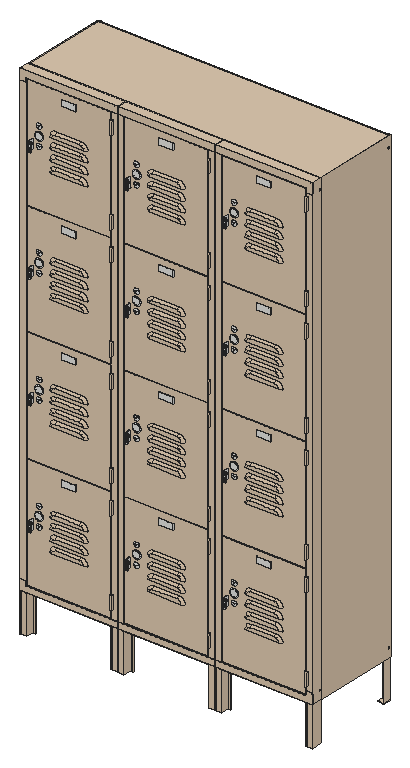
Revit family "Metal_Lockers-Salsbury_Industries-54000_Series-3_Wide_Units", category Specialty Equipment, Revit 2016
Family settings
  Part Type = Normal
  Round Connector Dimension = Use Diameter
  OmniClass Number = 23.40.00.00
  OmniClass Title = Equipment and Furnishings
  Work Plane-Based = No
  Always vertical = Yes
  Cut with Voids When Loaded = No
  Shared = No
  Room Calculation Point = No
Parameters (values of type "54365 - with Standard 6" High Legs")
  Zee Base Corner - Right Side [instance] = Metal Locker Zee Base Corner : None
  Zee Base Corner - Left Side [instance] = Metal Locker Zee Base Corner : None
  Zee Base - Right Side [instance] = Metal Locker Zee Base-Right Side : None
  Zee Base - Left Side [instance] = Metal Locker Zee Base-Left Side : None
  Zee Base = Metal Locker Zee Base - 3 Wide : None
  Width = 45.040"
  Version = "2.0 (02/28/18)"
  Unit Height including Sloping Hood Only [instance] = 80.682"
  Unit Height = 72.000"
  URL = "www.lockers.com"
  Type Comments = "15\" Wide Standard Metal Lockers - Four Tier"
  Total Door(s) Height [instance] = 69.81949"
  Sloping Top In-Line Filler - Right Side [instance] = Metal Locker Sloping Top Filler : None
  Sloping Top In-Line Filler - Left Side [instance] = Metal Locker Sloping Top Filler : None
  Sloping Top Corner Filler - Right Side [instance] = Metal Locker Sloping Corner Filler : None
  Sloping Top Corner Filler - Left Side [instance] = Metal Locker Sloping Corner Filler : None
  Sloping Hood Height = if(Depth = 12.010", 6.625", if(Depth = 15.010", 8.682", if(Depth = 18.010", 10.739", 0.000")))  # 8.682"
  Sloping Hood [instance] = Metal Locker Sloping Hood : None
  Compartment Divider Height = Individual Door Height - 0.375"  # 16.985"
  Right Side Base [instance] = Metal Locker Right Side Base : None
  Primary Structure Material [instance] = Paint - Salsbury Finish - Tan
  Overall Width including Rivets [instance] = 45.120"
  Unit Height including Base Only [instance] = 78.000"
  Overall Unit Height (including Base and Sloping Hood) [instance] = 86.682"
  OmniClass 23 Title = "Equipment and Furnishings"
  OmniClass 23 Number = "23.40.00.00"
  Model = "54365"
  MasterFormat Title = "Lockers"
  MasterFormat Number = "10 51 13"
  Manufacturer = "Salsbury Industries"
  Left Side Base [instance] = Metal Locker Left Side Base : None
  Individual Door Height = 17.360"
  Hasp Plate Rivet Material = Steel -Salsbury Finish - Polished Steel
  Hasp Handle Material = Plastic - Salsbury Finish - Black
  Front Vertical Filler - Right [instance] = Metal Locker Front Filler : None
  Front Vertical Filler - Left [instance] = Metal Locker Front Filler : None
  Front Base [instance] = Metal Locker Front Base : None
  Flat Top In-Line Filler - Right Side [instance] = Metal Locker Flat Top Filler : None
  Flat Top In-Line Filler - Left Side [instance] = Metal Locker Flat Top Filler : None
  Flat Top Corner Filler - Right Side [instance] = Metal Locker Flat Corner Filler : None
  Flat Top Corner Filler - Left Side [instance] = Metal Locker Flat Corner Filler : None
  Individual Door Width [instance] = 9.90055"
  End Panel - Right Side [instance] = Metal Locker End Panel : None
  End Panel - Left Side [instance] = Metal Locker End Panel : None
  Door Location D1 = Metal Locker Doors-15 inch with Latch Hasps : Four Tier Door - 6 foot
  Description = "3 Wide - 6 Feet High - 15 Inches Deep"
  Depth = 15.010"
  Base Height = 6.000"
  Standard Leg Base = Metal Locker Legs - 3 Wide : 6" High - 45"W x 15"D
  Assembly Code = "C1030310"
Reference planes (in)
  plane 1 "Center (Front/Back)": y = 0
  plane 2: z = 0
  plane 3 "Center (Left/Right)": x = 0
  plane 4 "Floor": z = 0
  plane 5 "Bottom of Unit": z = 6
  plane 6 "Top of Unit": z = 78
  plane 7 "Left Side of Unit": x = -18.02
  plane 8 "Right Side of Unit": x = 27.02
  plane 9 "Back of Unit": y = 7.505
  plane 10 "Front of Unit": y = -7.505
  plane 11 "Top of Sloping Hood": z = 86.682
  plane 12 "Left Rivet": x = -18.06
  plane 13 "Right Rivet": x = 27.06
  plane 14 "Right Side of Door Opening": x = 26.02
  plane 15 "Left Side of Door Opening": x = -17.02
  plane 16 "Top of Door Opening": z = 77
  plane 17 "Bottom of Door Opening": z = 7
  plane 18 "Back Edge of Front Facing": y = -5.917
  plane 19 "Front Plate Plane": y = -7.565
  plane 20 "Horizontal Center of Top Rivets": z = 76.5
  plane 21 "Horiz Center of Bottom Rivets": z = 7.5
  plane 22 "Vertical Center of Back Rivets": y = 7.005
  plane 23 "Vertical Center of Front Rivets": y = -6.255
  plane 24 "Right Align Top Filler Overlap": x = 26.435
  plane 25 "Left Align Top Filler Overlap": x = -17.435
  plane 26 "Corner Filler Align-Left": x = -18.08
  plane 27 "Corner Filler Align-Right": x = 27.08
  plane 28 "Right Side of Door": x = 25.95026
  plane 29 "Top of Door 1": z = 76.90976
  plane 30 "Bottom of Bottom Door": z = 7.09027
  plane 31 "Zee Base Offset": x = -17.669
  plane 32: x = 26.669
  plane 33 "Compartment Align 3": z = 24.985
  plane 34: x = -17.96
  plane 35: x = 26.96
  plane 36: x = -17.635
  plane 37: x = 26.635
  plane 38: y = 7.445
  plane 39: y = 7.395
  plane 40: y = 6.645
  plane 41: x = -17.9
  plane 42: x = 26.9
  plane 43: x = -17.095
  plane 44: x = 26.095
  plane 45: z = 77.94
  plane 46: z = 24.925
  plane 47: z = 23.985
  plane 48: z = 6.9204
  plane 49: z = 6.18539
  plane 50: z = 76.40796
  plane 51: z = 7.59204
  plane 52 "Right Side of Center Unit": x = 12.00667
  plane 53 "Left Side of Center Unit": x = -3.00667
  plane 54: x = 12.98167
  plane 55 "Left Side of Door Opening-Right Door": x = 13.00667
  plane 56: x = 11.03167
  plane 57 "Right Side of Door Opening-Center Door": x = 11.00667
  plane 58 "Right Side of Door - Center Door": x = 10.93667
  plane 59: x = -2.03167
  plane 60 "Left Side of Door Opening - Center Door": x = -2.00667
  plane 61: x = -3.98167
  plane 62 "Right Side of Door Opening - Left Door": x = -4.00667
  plane 63 "Right Side of Door - Left Door": x = -4.07667
  plane 64: z = 23.985
  plane 65 "Top of Door Row 3": z = 24.45027
  plane 66 "Bottom of Door Row 2": z = 24.57576
  plane 67 "Top of Door Row 2": z = 41.93576
  plane 68: z = 42.06276
  plane 69 "Compartment Align 2": z = 42.43527
  plane 70: z = 42.37527
  plane 71: z = 41.43527
  plane 72: z = 53.22076
  plane 73: z = 59.42276
  plane 74: z = 59.54976
  plane 75: z = 58.92076
  plane 76: z = 59.86076
  plane 77 "Compartment Align 1": z = 59.92076
  plane 78: z = 70.70625
Forms (in)
  Sweep 1, solid, material "Paint - Salsbury Finish - Tan" <- "Primary Structure Material"
    path origin (0, -7.505, 0) x (1, 0, 0) y (0, 0, 1)
      loop
        line (12.00667, 78) -> (12.00667, 6) -> (27.02, 6) -> (27.02, 78) -> (12.00667, 78)
    profile origin (19.51333, -7.505, 78) x (0, 0, 1) y (0, -1, 0)
      loop
        line (0, 0) -> (-1, 0) -> (-1, -1.588) -> (0, -1.588) -> (0, 0)
  Extrusion 2, solid, material "Paint - Salsbury Finish - Tan" <- "Primary Structure Material"
    sketch origin (0, 0, 6) x (0, -1, 0) y (1, 0, 0)
      loop
        line (5.917, 27.02) -> (-7.505, 27.02) -> (-7.505, 26.635) -> (-7.445, 26.635) -> (-7.445, 26.96) -> (5.917, 26.96) -> (5.917, 27.02)
    from 0 to 72
  Extrusion 3, solid, material "Paint - Salsbury Finish - Tan" <- "Primary Structure Material"
    sketch origin (0, 0, 6) x (0, -1, 0) y (1, 0, 0)
      loop
        line (5.917, -18.02) -> (5.917, -17.96) -> (-7.445, -17.96) -> (-7.445, -17.635) -> (-7.505, -17.635) -> (-7.505, -18.02) -> (5.917, -18.02)
    from 0 to 72
  Extrusion 4, solid, material "Paint - Salsbury Finish - Tan" <- "Primary Structure Material"
    sketch origin (0, 0, 6) x (0, -1, 0) y (1, 0, 0)
      loop
        line (-7.445, -17.96) -> (-6.645, -17.96) -> (-6.645, -17.9) -> (-7.395, -17.9) -> (-7.395, 26.9) -> (-6.645, 26.9) -> (-6.645, 26.96) -> (-7.445, 26.96) -> (-7.445, -17.96)
    from 0 to 72
  Sweep 5, solid, material "Paint - Salsbury Finish - Tan" <- "Primary Structure Material"
    path origin (0, 0, 7) x (0, -1, 0) y (1, 0, 0)
      loop
        line (5.917, -17.96) -> (5.917, 26.96) -> (-6.645, 26.96) -> (-6.645, 26.9) -> (-7.395, 26.9) -> (-7.395, -17.9) -> (-6.645, -17.9) -> (-6.645, -17.96) -> (5.917, -17.96)
    profile origin (-17.96, 0.364, 7) x (-1, 0, 0) y (0, 0, 1)
      loop
        line (0, -0.81461) -> (0, -0.0796) -> (-0.06, -0.0796) -> (-0.06, -0.81461) -> (0, -0.81461)
  Extrusion 6, solid, material "Paint - Salsbury Finish - Tan" <- "Primary Structure Material"
    sketch origin (0, 0, 7) x (0, -1, 0) y (1, 0, 0)
      loop
        line (-7.395, -17.9) -> (-6.645, -17.9) -> (-6.645, -17.96) -> (5.917, -17.96) -> (5.917, 26.96) -> (-6.645, 26.96) -> (-6.645, 26.9) -> (-7.395, 26.9) -> (-7.395, -17.9)
    from -0.0796 to 0
  Extrusion 7, solid, material "Paint - Salsbury Finish - Tan" <- "Primary Structure Material"
    sketch origin (0, 0, 78) x (0, -1, 0) y (1, 0, 0)
      loop
        line (-7.395, -17.9) -> (-6.645, -17.9) -> (-6.645, -17.96) -> (5.917, -17.96) -> (5.917, 26.96) -> (-6.645, 26.96) -> (-6.645, 26.9) -> (-7.395, 26.9) -> (-7.395, -17.9)
    from -0.06 to 0
  Extrusion 8, solid, material "Paint - Salsbury Finish - Tan" <- "Primary Structure Material"
    sketch origin (0, -7.565, 0) x (0, 0, -1) y (1, 0, 0)
      loop
        line (-78, -18.02) -> (-76.47656, -18.02)
        arc (-76.47656, -18.02) -> (-76.42806, -17.99991) -> (-76.40796, -17.9514) r 0.0686
        line (-76.40796, -17.9514) -> (-76.40796, -17.16351)
        arc (-76.40796, -17.16351) -> (-76.42809, -17.11506) -> (-76.47656, -17.095) r 0.0686
        line (-76.47656, -17.095) -> (-77, -17.095) -> (-77, 26.095) -> (-76.47656, 26.095)
        arc (-76.47656, 26.095) -> (-76.42809, 26.11506) -> (-76.40796, 26.16351) r 0.0686
        line (-76.40796, 26.16351) -> (-76.40796, 26.9514)
        arc (-76.40796, 26.9514) -> (-76.42806, 26.99991) -> (-76.47656, 27.02) r 0.0686
        line (-76.47656, 27.02) -> (-78, 27.02) -> (-78, -18.02)
    from -0.06 to 0
  Extrusion 9, solid, material "Paint - Salsbury Finish - Tan" <- "Primary Structure Material"
    sketch origin (0, -7.565, 84) x (0, 0, 1) y (-1, 0, 0)
      loop
        line (-78, 18.02) -> (-78, -27.02) -> (-76.47656, -27.02)
        arc (-76.47656, -27.02) -> (-76.42806, -26.99991) -> (-76.40796, -26.9514) r 0.0686
        line (-76.40796, -26.9514) -> (-76.40796, -26.16351)
        arc (-76.40796, -26.16351) -> (-76.42809, -26.11506) -> (-76.47656, -26.095) r 0.0686
        line (-76.47656, -26.095) -> (-77, -26.095) -> (-77, 17.095) -> (-76.47656, 17.095)
        arc (-76.47656, 17.095) -> (-76.42809, 17.11506) -> (-76.40796, 17.16351) r 0.0686
        line (-76.40796, 17.16351) -> (-76.40796, 17.9514)
        arc (-76.40796, 17.9514) -> (-76.42806, 17.99991) -> (-76.47656, 18.02) r 0.0686
        line (-76.47656, 18.02) -> (-78, 18.02)
    from -0.06 to 0
  Blend 10, solid, material "Steel -Salsbury Finish - Polished Steel" <- "Hasp Plate Rivet Material"
    base sketch origin (27.02, 0, 0) x (0, 0, -1) y (0, -1, 0)
      loop
        circle (-76.5, 6.255) r 0.187
    top sketch origin (27.02, 0, 0) x (0, 0, -1) y (0, -1, 0)
      loop
        circle (-76.5, 6.255) r 0.05319
    from 0 to -0.04
  Blend 11, solid, material "Steel -Salsbury Finish - Polished Steel" <- "Hasp Plate Rivet Material"
    base sketch origin (27.02, 0, -69) x (0, 0, -1) y (0, -1, 0)
      loop
        circle (-76.5, 6.255) r 0.187
    top sketch origin (27.02, 0, -69) x (0, 0, -1) y (0, -1, 0)
      loop
        circle (-76.5, 6.255) r 0.05319
    from 0 to -0.04
  Blend 12, solid, material "Steel -Salsbury Finish - Polished Steel" <- "Hasp Plate Rivet Material"
    base sketch origin (27.02, 10.26, -69) x (0, 0, -1) y (0, -1, 0)
      loop
        circle (-76.5, 3.255) r 0.187
    top sketch origin (27.02, 10.26, -69) x (0, 0, -1) y (0, -1, 0)
      loop
        circle (-76.5, 3.255) r 0.05319
    from 0 to -0.04
  Blend 13, solid, material "Steel -Salsbury Finish - Polished Steel" <- "Hasp Plate Rivet Material"
    base sketch origin (27.02, 10.26, 0.0043) x (0, 0, -1) y (0, -1, 0)
      loop
        circle (-76.5, 3.255) r 0.187
    top sketch origin (27.02, 10.26, 0.0043) x (0, 0, -1) y (0, -1, 0)
      loop
        circle (-76.5, 3.255) r 0.05319
    from 0 to -0.04
  Blend 14, solid, material "Steel -Salsbury Finish - Polished Steel" <- "Hasp Plate Rivet Material"
    base sketch origin (-6.02, 0, -69) x (0, 0, -1) y (0, 1, 0)
      loop
        circle (-76.5, -6.255) r 0.187
    top sketch origin (-6.02, 0, -69) x (0, 0, -1) y (0, 1, 0)
      loop
        circle (-76.5, -6.255) r 0.05319
    from -12 to -12.04
  Blend 15, solid, material "Steel -Salsbury Finish - Polished Steel" <- "Hasp Plate Rivet Material"
    base sketch origin (-6.02, 10.26, -69) x (0, 0, -1) y (0, 1, 0)
      loop
        circle (-76.5, -3.255) r 0.187
    top sketch origin (-6.02, 10.26, -69) x (0, 0, -1) y (0, 1, 0)
      loop
        circle (-76.5, -3.255) r 0.05319
    from -12 to -12.04
  Blend 16, solid, material "Steel -Salsbury Finish - Polished Steel" <- "Hasp Plate Rivet Material"
    base sketch origin (-6.02, 0, 0) x (0, 0, -1) y (0, 1, 0)
      loop
        circle (-76.5, -6.255) r 0.187
    top sketch origin (-6.02, 0, 0) x (0, 0, -1) y (0, 1, 0)
      loop
        circle (-76.5, -6.255) r 0.05319
    from -12 to -12.04
  Blend 17, solid, material "Steel -Salsbury Finish - Polished Steel" <- "Hasp Plate Rivet Material"
    base sketch origin (-6.02, 10.26, 0.00039) x (0, 0, -1) y (0, 1, 0)
      loop
        circle (-76.5, -3.255) r 0.187
    top sketch origin (-6.02, 10.26, 0.00039) x (0, 0, -1) y (0, 1, 0)
      loop
        circle (-76.5, -3.255) r 0.05319
    from -12 to -12.04
  Extrusion 18, solid, material "Paint - Salsbury Finish - Tan" <- "Primary Structure Material"
    sketch origin (0, 0, 24.985) x (0, -1, 0) y (1, 0, 0)
      loop
        line (-7.395, -17.9) -> (-6.645, -17.9) -> (-6.645, -17.96) -> (5.917, -17.96) -> (5.917, 26.96) -> (-6.645, 26.96) -> (-6.645, 26.9) -> (-7.395, 26.9) -> (-7.395, -17.9)
    from -0.06 to 0
  Sweep 19, solid, material "Paint - Salsbury Finish - Tan" <- "Primary Structure Material"
    path origin (0, 0, 24.985) x (0, -1, 0) y (1, 0, 0)
      loop
        line (5.917, -17.96) -> (5.917, 26.96) -> (-6.645, 26.96) -> (-6.645, 26.9) -> (-7.395, 26.9) -> (-7.395, -17.9) -> (-6.645, -17.9) -> (-6.645, -17.96) -> (5.917, -17.96)
    profile origin (-17.96, 0.364, 24.985) x (-1, 0, 0) y (0, 0, 1)
      loop
        line (0, -1) -> (0, -0.06) -> (-0.06, -0.06) -> (-0.06, -1) -> (0, -1)
  Sweep 20, solid, material "Paint - Salsbury Finish - Tan" <- "Primary Structure Material"
    path origin (-12.01333, -7.505, 0) x (1, 0, 0) y (0, 0, 1)
      loop
        line (9.00667, 78) -> (9.00667, 6) -> (24.02, 6) -> (24.02, 78) -> (9.00667, 78)
    profile origin (4.5, -7.505, 78) x (0, 0, 1) y (0, -1, 0)
      loop
        line (0, 0) -> (-1, 0) -> (-1, -1.588) -> (0, -1.588) -> (0, 0)
  Sweep 21, solid, material "Paint - Salsbury Finish - Tan" <- "Primary Structure Material"
    path origin (-24.02667, -7.505, 0) x (1, 0, 0) y (0, 0, 1)
      loop
        line (6.00667, 78) -> (6.00667, 6) -> (21.02, 6) -> (21.02, 78) -> (6.00667, 78)
    profile origin (-10.51333, -7.505, 78) x (0, 0, 1) y (0, -1, 0)
      loop
        line (0, 0) -> (-1, 0) -> (-1, -1.588) -> (0, -1.588) -> (0, 0)
  Extrusion 22, solid, material "Paint - Salsbury Finish - Tan" <- "Primary Structure Material"
    sketch origin (0, 0, 42.43527) x (0, -1, 0) y (1, 0, 0)
      loop
        line (-7.445, -17.9) -> (-6.645, -17.9) -> (-6.645, -17.96) -> (5.917, -17.96) -> (5.917, 26.96) -> (-6.645, 26.96) -> (-6.645, 26.9) -> (-7.445, 26.9) -> (-7.445, -17.9)
    from -0.06 to 0
  Sweep 23, solid, material "Paint - Salsbury Finish - Tan" <- "Primary Structure Material"
    path origin (0, 0, 42.43527) x (0, -1, 0) y (1, 0, 0)
      loop
        line (5.917, -17.96) -> (5.917, 26.96) -> (-6.645, 26.96) -> (-6.645, 26.9) -> (-7.445, 26.9) -> (-7.445, -17.9) -> (-6.645, -17.9) -> (-6.645, -17.96) -> (5.917, -17.96)
    profile origin (-17.96, 0.364, 42.43527) x (-1, 0, 0) y (0, 0, 1)
      loop
        line (0, -1) -> (0, -0.06) -> (-0.06, -0.06) -> (-0.06, -1) -> (0, -1)
  Extrusion 24, solid, material "Paint - Salsbury Finish - Tan" <- "Primary Structure Material"
    sketch origin (0, 0, 59.92076) x (0, -1, 0) y (1, 0, 0)
      loop
        line (-7.445, -17.9) -> (-6.645, -17.9) -> (-6.645, -17.96) -> (5.917, -17.96) -> (5.917, 26.96) -> (-6.645, 26.96) -> (-6.645, 26.9) -> (-7.445, 26.9) -> (-7.445, -17.9)
    from -0.06 to 0
  Sweep 25, solid, material "Paint - Salsbury Finish - Tan" <- "Primary Structure Material"
    path origin (0, 0, 59.92076) x (0, -1, 0) y (1, 0, 0)
      loop
        line (5.917, -17.96) -> (5.917, 26.96) -> (-6.645, 26.96) -> (-6.645, 26.9) -> (-7.445, 26.9) -> (-7.445, -17.9) -> (-6.645, -17.9) -> (-6.645, -17.96) -> (5.917, -17.96)
    profile origin (-17.96, 0.364, 59.92076) x (-1, 0, 0) y (0, 0, 1)
      loop
        line (0, -1) -> (0, -0.06) -> (-0.06, -0.06) -> (-0.06, -1) -> (0, -1)
Lines and regions (in)
  reference lines
    curve 1: line (-41.59242, -7.565, 78) -> (57.15758, -7.565, 78)
  symbolic lines
    curve 2: line (-18.02, 7.505, 78) -> (27.02, 7.505, 78)
    curve 3: line (-18.02, -7.565, 78) -> (-18.02, 7.505, 78)
    curve 4: line (27.02, -7.565, 78) -> (-18.02, -7.565, 78)
    curve 5: line (27.02, 7.505, 78) -> (27.02, -7.565, 78)
    curve 6: line (-18.06, -6.30819, 78) -> (-18.02, -6.41809, 78)
    curve 7: line (-18.02, -6.08043, 78) -> (-18.06, -6.20181, 78)
    curve 8: line (-18.06, -6.30819, 78) -> (-18.06, -6.20181, 78)
    curve 9: line (-18.06, 6.95181, 78) -> (-18.02, 6.81077, 78)
    curve 10: line (-18.06, 7.05819, 78) -> (-18.02, 7.18474, 78)
    curve 11: line (-18.06, 7.05819, 78) -> (-18.06, 6.95181, 78)
    curve 12: line (27.06, 7.05819, 78) -> (27.02, 7.20747, 78)
    curve 13: line (27.06, 6.95181, 78) -> (27.02, 6.8179, 78)
    curve 14: line (27.06, 7.05819, 78) -> (27.06, 6.95181, 78)
    curve 15: line (27.06, -6.20181, 78) -> (27.02, -6.07098, 78)
    curve 16: line (27.06, -6.30819, 78) -> (27.02, -6.44769, 78)
    curve 17: line (27.06, -6.20181, 78) -> (27.06, -6.30819, 78)
  model lines
    curve 18: line (12.00667, 7.505, 6) -> (12.00667, 7.505, 78)
    curve 19: line (-3.00667, 7.505, 6) -> (-3.00667, 7.505, 78)
    curve 20: line (-3.00667, 7.445, 78) -> (-3.00667, -7.565, 78)
    curve 21: line (12.00667, 7.445, 78) -> (12.00667, -7.565, 78)
Dimensions and locks (in)
  equal spacing: plane 7 "Left Side of Unit", plane 53 "Left Side of Center Unit", plane 52 "Right Side of Center Unit", plane 8 "Right Side of Unit"
  "Width": plane 7 "Left Side of Unit" to plane 8 "Right Side of Unit"
  "Base Height": plane 5 "Bottom of Unit" to plane 4 "Floor"
  "Unit Height": plane 6 "Top of Unit" to plane 5 "Bottom of Unit"
  "Unit Height including Base Only": plane 6 "Top of Unit" to plane 4 "Floor"
  equal spacing: plane 10 "Front of Unit", plane 1 "Center (Front/Back)", plane 9 "Back of Unit"
  "Depth": plane 10 "Front of Unit" to plane 9 "Back of Unit"
  "Sloping Hood Height": plane 11 "Top of Sloping Hood" to plane 6 "Top of Unit"
  "Overall Unit Height (including Base and Sloping Hood)": plane 11 "Top of Sloping Hood" to plane 4 "Floor"
  locked: plane 12 "Left Rivet" to plane 7 "Left Side of Unit" at 0.04
  locked: plane 8 "Right Side of Unit" to plane 13 "Right Rivet" at 0.04
  "Overall Width including Rivets": plane 12 "Left Rivet" to plane 13 "Right Rivet"
  plane 6 "Top of Unit" to plane 16 "Top of Door Opening" to plane 29 "Top of Door 1" to plane 50 = 1.000" locked, 0.09024", 0.5018"
  plane 51 to plane 30 "Bottom of Bottom Door" to plane 17 "Bottom of Door Opening" to plane 5 "Bottom of Unit" = 0.50177", 0.09027", 1.000" locked
  locked: plane 7 "Left Side of Unit" to plane 15 "Left Side of Door Opening" at 1
  plane 28 "Right Side of Door" to plane 14 "Right Side of Door Opening" to plane 8 "Right Side of Unit" = 0.06974", 1.000" locked
  plane 19 "Front Plate Plane" to plane 10 "Front of Unit" to plane 18 "Back Edge of Front Facing" = 0.060" locked, 1.588" locked
  "Unit Height including Sloping Hood Only": plane 11 "Top of Sloping Hood" to plane 5 "Bottom of Unit"
  locked: plane 20 "Horizontal Center of Top Rivets" to plane 6 "Top of Unit" at 1.5
  locked: plane 5 "Bottom of Unit" to plane 21 "Horiz Center of Bottom Rivets" at 1.5
  locked: plane 22 "Vertical Center of Back Rivets" to plane 9 "Back of Unit" at 0.5
  locked: plane 10 "Front of Unit" to plane 23 "Vertical Center of Front Rivets" at 1.25
  locked: plane 24 "Right Align Top Filler Overlap" to plane 13 "Right Rivet" at 0.625
  locked: plane 12 "Left Rivet" to plane 25 "Left Align Top Filler Overlap" at 0.625
  locked: plane 8 "Right Side of Unit" to plane 27 "Corner Filler Align-Right" at 0.06
  locked: plane 26 "Corner Filler Align-Left" to plane 7 "Left Side of Unit" at 0.06
  "Total Door(s) Height": plane 29 "Top of Door 1" to plane 30 "Bottom of Bottom Door"
  plane 7 "Left Side of Unit" to plane 31 "Zee Base Offset" = 0.351"
  plane 32 to plane 8 "Right Side of Unit" = 0.351"
  plane 33 "Compartment Align 3" to plane 46 to plane 64 = 0.060" locked, 0.940" locked
  plane 7 "Left Side of Unit" to plane 34 to plane 41 to plane 36 = 0.060" locked, 0.060" locked, 0.265" locked
  plane 37 to plane 42 to plane 35 to plane 8 "Right Side of Unit" = 0.265" locked, 0.060", 0.060"
  plane 40 to plane 39 to plane 38 to plane 9 "Back of Unit" = 0.750" locked, 0.050", 0.060"
  locked: plane 7 "Left Side of Unit" to plane 43 at 0.925
  locked: plane 44 to plane 8 "Right Side of Unit" at 0.925
  locked: plane 6 "Top of Unit" to plane 45 at 0.06
  plane 46 to plane 47 = 0.940"
  locked: plane 17 "Bottom of Door Opening" to plane 48 at 0.0796
  plane 48 to plane 49 = 0.73501"
  plane 58 "Right Side of Door - Center Door" to plane 57 "Right Side of Door Opening-Center Door" to plane 56 to plane 52 "Right Side of Center Unit" to plane 54 to plane 55 "Left Side of Door Opening-Right Door" = 0.070", 0.025", 0.975", 0.975", 0.025"
  plane 63 "Right Side of Door - Left Door" to plane 62 "Right Side of Door Opening - Left Door" to plane 61 to plane 53 "Left Side of Center Unit" to plane 59 to plane 60 "Left Side of Door Opening - Center Door" = 0.070", 0.025", 0.975", 0.975", 0.025"
  "Individual Door Height": plane 65 "Top of Door Row 3" to plane 30 "Bottom of Bottom Door"
  "Compartment Divider Height": plane 64 to plane 17 "Bottom of Door Opening"
  locked: plane 66 "Bottom of Door Row 2" to plane 65 "Top of Door Row 3" at 0.12549
  "Individual Door Height": plane 67 "Top of Door Row 2" to plane 66 "Bottom of Door Row 2"
  locked: plane 68 to plane 67 "Top of Door Row 2" at 0.127
  plane 69 "Compartment Align 2" to plane 70 to plane 71 = 0.060" locked, 0.940" locked
  "Compartment Divider Height": plane 71 to plane 65 "Top of Door Row 3"
  "Individual Door Height": plane 73 to plane 68
  locked: plane 74 to plane 73 at 0.127
  "Compartment Divider Height": plane 75 to plane 67 "Top of Door Row 2"
  plane 77 "Compartment Align 1" to plane 76 to plane 75 = 0.060" locked, 0.940" locked
  aligned and locked: level to plane 2
  aligned and locked: Extrusion 2 to plane 6 "Top of Unit"
  aligned and locked: Extrusion 3 to plane 6 "Top of Unit"
  aligned and locked: Extrusion 4 to plane 6 "Top of Unit"
  aligned and locked: Extrusion 8 to plane 10 "Front of Unit"
  aligned and locked: Extrusion 9 to plane 10 "Front of Unit"
  aligned and locked: Extrusion 6 to plane 17 "Bottom of Door Opening"
  aligned and locked: plane 4 "Floor" to nested 2
  aligned and locked: plane 5 "Bottom of Unit" to Extrusion 9
  aligned and locked: plane 8 "Right Side of Unit" to nested 6
  aligned and locked: plane 7 "Left Side of Unit" to nested 7
  aligned and locked: Blend 10 to plane 13 "Right Rivet"
  aligned and locked: plane 8 "Right Side of Unit" to Blend 10
  aligned and locked: Blend 15 to plane 7 "Left Side of Unit"
  aligned and locked: Blend 14 to plane 7 "Left Side of Unit"  (x2)
  aligned and locked: plane 12 "Left Rivet" to Blend 14
  aligned and locked: plane 12 "Left Rivet" to Blend 15
  aligned and locked: Blend 14 to plane 12 "Left Rivet"
  aligned and locked: Blend 17 to plane 7 "Left Side of Unit"
  aligned and locked: plane 12 "Left Rivet" to Blend 17
  aligned and locked: Blend 16 to plane 7 "Left Side of Unit"
  aligned and locked: plane 12 "Left Rivet" to Blend 16
  aligned and locked: plane 5 "Bottom of Unit" to nested 10
  aligned and locked: plane 13 "Right Rivet" to nested 10
  aligned and locked: plane 12 "Left Rivet" to nested 11
  aligned and locked: nested 11 to plane 10 "Front of Unit"
  aligned and locked: plane 13 "Right Rivet" to nested 12
  aligned and locked: plane 10 "Front of Unit" to nested 12
  aligned and locked: plane 6 "Top of Unit" to nested 12
  aligned and locked: plane 12 "Left Rivet" to nested 13
  aligned and locked: plane 10 "Front of Unit" to nested 13
  aligned and locked: plane 6 "Top of Unit" to nested 13
  aligned and locked: plane 6 "Top of Unit" to nested 14
  aligned and locked: nested 14 to plane 19 "Front Plate Plane"
  aligned and locked: nested 14 to plane 24 "Right Align Top Filler Overlap"
  aligned and locked: nested 15 to plane 25 "Left Align Top Filler Overlap"
  aligned and locked: nested 15 to plane 19 "Front Plate Plane"
  aligned and locked: nested 10 to nested 15
  aligned and locked: plane 19 "Front Plate Plane" to nested 16
  aligned and locked: plane 6 "Top of Unit" to nested 16
  aligned and locked: nested 17 to plane 6 "Top of Unit"
  aligned and locked: nested 17 to plane 19 "Front Plate Plane"
  aligned and locked: nested 18 to plane 24 "Right Align Top Filler Overlap"
  aligned and locked: nested 18 to plane 19 "Front Plate Plane"
  aligned and locked: plane 16 "Top of Door Opening" to nested 18
  aligned and locked: nested 19 to plane 16 "Top of Door Opening"
  aligned and locked: nested 19 to plane 25 "Left Align Top Filler Overlap"
  aligned and locked: nested 19 to plane 19 "Front Plate Plane"
  aligned and locked: nested 11 to plane 6 "Top of Unit"
  aligned and locked: plane 10 "Front of Unit" to nested 10
  aligned and locked: plane 10 "Front of Unit" to nested 22
  aligned and locked: plane 10 "Front of Unit" to nested 1
  aligned and locked: plane 10 "Front of Unit" to nested 2
  aligned and locked: plane 7 "Left Side of Unit" to nested 17
  aligned and locked: plane 31 "Zee Base Offset" to nested 9
  aligned and locked: plane 18 "Back Edge of Front Facing" to nested 9
  aligned and locked: nested 8 to plane 18 "Back Edge of Front Facing"
  aligned and locked: plane 32 to nested 8
  aligned and locked: nested 21 to curve 1
  aligned and locked: nested 20 to curve 1
  aligned and locked: Sweep 19 sketch curve to Extrusion 18
  aligned and locked: plane 7 "Left Side of Unit" to Extrusion 3
  aligned and locked: Extrusion 3 to plane 9 "Back of Unit"
  aligned and locked: Extrusion 2 to plane 8 "Right Side of Unit"
  aligned and locked: Extrusion 2 to plane 9 "Back of Unit"
  aligned and locked: plane 18 "Back Edge of Front Facing" to Extrusion 3
  aligned and locked: plane 18 "Back Edge of Front Facing" to Extrusion 2
  aligned and locked: plane 34 to Extrusion 3
  aligned and locked: Extrusion 2 to plane 35
  aligned and locked: plane 36 to Extrusion 3
  aligned and locked: plane 37 to Extrusion 2
  aligned and locked: Extrusion 3 to plane 38
  aligned and locked: plane 38 to Extrusion 2
  aligned and locked: Extrusion 4 to plane 38
  aligned and locked: Extrusion 4 to plane 39
  aligned and locked: Extrusion 4 to plane 34
  aligned and locked: plane 40 to Extrusion 4  (x2)
  aligned and locked: plane 41 to Extrusion 4
  aligned and locked: plane 42 to Extrusion 4
  aligned and locked: Extrusion 7 to plane 39
  aligned and locked: plane 41 to Extrusion 7
  aligned and locked: plane 34 to Extrusion 7  (x2)
  aligned and locked: Extrusion 7 to plane 40  (x2)
  aligned and locked: Extrusion 7 to plane 42
  aligned and locked: Extrusion 7 to plane 35  (x2)
  aligned and locked: plane 18 "Back Edge of Front Facing" to Extrusion 7
  aligned and locked: plane 18 "Back Edge of Front Facing" to Extrusion 6
  aligned and locked: Extrusion 6 to plane 39
  aligned and locked: Extrusion 6 to plane 42
  aligned and locked: Extrusion 6 to plane 40  (x2)
  aligned and locked: Extrusion 6 to plane 35
  aligned and locked: plane 41 to Extrusion 6
  aligned and locked: plane 34 to Extrusion 6
  aligned and locked: Sweep 5 to plane 39
  aligned and locked: Sweep 5 to plane 40  (x2)
  aligned and locked: Sweep 5 to plane 42
  aligned and locked: Sweep 5 to plane 35
  aligned and locked: plane 18 "Back Edge of Front Facing" to Sweep 5
  aligned and locked: plane 34 to Sweep 5
  aligned and locked: plane 41 to Sweep 5
  aligned and locked: Sweep 5 sketch curve to plane 41
  aligned and locked: Sweep 5 sketch curve to plane 39
  aligned and locked: plane 40 to Sweep 5 sketch curve  (x2)
  aligned and locked: Sweep 5 sketch curve to plane 34  (x2)
  aligned and locked: plane 42 to Sweep 5 sketch curve
  aligned and locked: plane 35 to Sweep 5 sketch curve
  aligned and locked: Sweep 5 sketch curve to plane 18 "Back Edge of Front Facing"
  aligned and locked: Extrusion 18 to plane 39
  aligned and locked: Extrusion 18 to plane 42
  aligned and locked: Extrusion 18 to plane 40  (x2)
  aligned and locked: Extrusion 18 to plane 35
  aligned and locked: plane 18 "Back Edge of Front Facing" to Extrusion 18
  aligned and locked: plane 34 to Extrusion 18
  aligned and locked: plane 41 to Extrusion 18
  aligned and locked: Sweep 19 sketch curve to plane 39
  aligned and locked: plane 42 to Sweep 19 sketch curve
  aligned and locked: plane 40 to Sweep 19 sketch curve  (x2)
  aligned and locked: plane 35 to Sweep 19 sketch curve
  aligned and locked: Sweep 19 sketch curve to plane 18 "Back Edge of Front Facing"
  aligned and locked: Sweep 19 sketch curve to plane 34  (x2)
  aligned and locked: Sweep 19 sketch curve to plane 41
  aligned and locked: plane 6 "Top of Unit" to Sweep 1 sketch curve  (x2)
  aligned and locked: plane 8 "Right Side of Unit" to Sweep 1 sketch curve
  aligned and locked: Sweep 1 sketch curve to plane 5 "Bottom of Unit"
  aligned and locked: plane 10 "Front of Unit" to Sweep 1
  aligned and locked: Extrusion 8 to plane 19 "Front Plate Plane"
  aligned and locked: plane 10 "Front of Unit" to Extrusion 8
  aligned and locked: Extrusion 8 to plane 8 "Right Side of Unit"
  aligned and locked: plane 7 "Left Side of Unit" to Extrusion 8
  aligned and locked: plane 7 "Left Side of Unit" to Extrusion 9
  aligned and locked: plane 19 "Front Plate Plane" to Extrusion 9
  aligned and locked: Extrusion 9 to plane 8 "Right Side of Unit"
  aligned and locked: plane 43 to Extrusion 9
  aligned and locked: plane 44 to Extrusion 9
  aligned and locked: plane 44 to Extrusion 8
  aligned and locked: Extrusion 8 to plane 43
  aligned and locked: plane 28 "Right Side of Door" to nested 22
  aligned and locked: plane 18 "Back Edge of Front Facing" to Sweep 1 sketch curve
  aligned and locked: Sweep 1 sketch curve to plane 16 "Top of Door Opening"
  aligned and locked: Sweep 1 sketch curve to plane 10 "Front of Unit"
  aligned and locked: plane 5 "Bottom of Unit" to Extrusion 4
  aligned and locked: Extrusion 4 to plane 35
  aligned and locked: plane 5 "Bottom of Unit" to Extrusion 3
  aligned and locked: plane 5 "Bottom of Unit" to Extrusion 2
  aligned and locked: Extrusion 7 to plane 6 "Top of Unit"
  aligned and locked: plane 45 to Extrusion 7
  aligned and locked: Extrusion 18 to plane 33 "Compartment Align 3"
  aligned and locked: Extrusion 18 to plane 46
  aligned and locked: plane 41 to Sweep 19 sketch curve
  aligned and locked: plane 47 to Sweep 19 sketch curve
  aligned and locked: Extrusion 6 to plane 48
  aligned and locked: Sweep 5 to plane 48
  aligned and locked: Sweep 5 sketch curve to plane 49
  aligned and locked: Sweep 5 sketch curve to plane 48
  aligned and locked: plane 41 to Sweep 5 sketch curve
  aligned and locked: plane 50 to Extrusion 8
  aligned and locked: Extrusion 8 to plane 50
  aligned and locked: Extrusion 8 to plane 6 "Top of Unit"
  aligned and locked: plane 16 "Top of Door Opening" to Extrusion 8
  aligned and locked: Extrusion 9 to plane 17 "Bottom of Door Opening"
  aligned and locked: plane 51 to Extrusion 9  (x2)
  aligned and locked: plane 4 "Floor" to nested 1
  aligned and locked: Blend 12 to plane 13 "Right Rivet"
  aligned and locked: plane 8 "Right Side of Unit" to Blend 12
  aligned and locked: plane 8 "Right Side of Unit" to Blend 13
  aligned and locked: Blend 13 to plane 13 "Right Rivet"
  aligned and locked: plane 8 "Right Side of Unit" to Blend 11
  aligned and locked: Blend 11 to plane 13 "Right Rivet"
  aligned and locked: curve 3 to nested 21
  aligned and locked: curve 4 to Extrusion 8
  aligned and locked: curve 5 to Extrusion 8
  aligned and locked: curve 8 to Blend 14
  aligned and locked: curve 11 to Blend 15
  aligned and locked: curve 14 to Blend 12
  aligned and locked: curve 17 to Blend 10
  aligned and locked: plane 7 "Left Side of Unit" to nested 21
  aligned and locked: Sweep 1 sketch curve to plane 52 "Right Side of Center Unit"
  aligned and locked: plane 6 "Top of Unit" to Sweep 20 sketch curve
  aligned and locked: Sweep 20 sketch curve to plane 5 "Bottom of Unit"
  aligned and locked: Sweep 21 sketch curve to plane 5 "Bottom of Unit"
  aligned and locked: plane 53 "Left Side of Center Unit" to Sweep 21 sketch curve
  aligned and locked: Sweep 21 sketch curve to plane 7 "Left Side of Unit"
  aligned and locked: plane 6 "Top of Unit" to Sweep 21 sketch curve
  aligned and locked: Sweep 20 sketch curve to plane 53 "Left Side of Center Unit"
  aligned and locked: plane 52 "Right Side of Center Unit" to Sweep 20 sketch curve
  aligned and locked: plane 10 "Front of Unit" to nested 24
  aligned and locked: plane 18 "Back Edge of Front Facing" to Sweep 20 sketch curve
  aligned and locked: Sweep 20 sketch curve to plane 16 "Top of Door Opening"
  aligned and locked: profile plane to Sweep 20 sketch curve
  aligned and locked: Sweep 20 sketch curve to profile plane
  aligned and locked: profile plane to Sweep 21 sketch curve
  aligned and locked: plane 18 "Back Edge of Front Facing" to Sweep 21 sketch curve
  aligned and locked: Sweep 21 sketch curve to plane 16 "Top of Door Opening"
  aligned and locked: Sweep 21 sketch curve to profile plane
  aligned and locked: plane 58 "Right Side of Door - Center Door" to nested 23
  aligned and locked: plane 63 "Right Side of Door - Left Door" to nested 24
  aligned and locked: nested 23 to plane 30 "Bottom of Bottom Door"
  aligned and locked: nested 24 to plane 30 "Bottom of Bottom Door"
  aligned and locked: plane 4 "Floor" to nested 5
  aligned and locked: plane 9 "Back of Unit" to nested 6
  aligned and locked: plane 9 "Back of Unit" to nested 7
  aligned and locked: plane 52 "Right Side of Center Unit" to curve 18
  aligned and locked: plane 53 "Left Side of Center Unit" to curve 19
  aligned and locked: plane 5 "Bottom of Unit" to curve 19
  aligned and locked: plane 5 "Bottom of Unit" to curve 18
  aligned and locked: plane 6 "Top of Unit" to curve 18
  aligned and locked: plane 6 "Top of Unit" to curve 19
  aligned and locked: curve 20 to Extrusion 4
  aligned and locked: curve 20 to Sweep 21
  aligned and locked: curve 21 to Sweep 20
  aligned and locked: Extrusion 4 to curve 21
  aligned and locked: Extrusion 8 to curve 20
  aligned and locked: plane 6 "Top of Unit" to nested 25
  aligned and locked: plane 19 "Front Plate Plane" to nested 25
  aligned and locked: plane 10 "Front of Unit" to nested 23
  aligned and locked: nested 22 to plane 30 "Bottom of Bottom Door"
  aligned and locked: Sweep 19 to plane 64
  aligned and locked: nested 26 to plane 66 "Bottom of Door Row 2"
  aligned and locked: nested 27 to plane 66 "Bottom of Door Row 2"
  aligned and locked: nested 28 to plane 66 "Bottom of Door Row 2"
  aligned and locked: plane 28 "Right Side of Door" to nested 26
  aligned and locked: plane 58 "Right Side of Door - Center Door" to nested 27
  aligned and locked: plane 63 "Right Side of Door - Left Door" to nested 28
  aligned and locked: plane 10 "Front of Unit" to nested 26
  aligned and locked: plane 10 "Front of Unit" to nested 27
  aligned and locked: plane 10 "Front of Unit" to nested 28
  aligned and locked: plane 68 to nested 29
  aligned and locked: nested 30 to plane 68
  aligned and locked: nested 31 to plane 68
  aligned and locked: Extrusion 22 to Sweep 23 sketch curve
  aligned and locked: plane 70 to Extrusion 22
  aligned and locked: Extrusion 22 to plane 69 "Compartment Align 2"
  aligned and locked: Sweep 23 sketch curve to plane 71
  aligned and locked: plane 28 "Right Side of Door" to nested 29
  aligned and locked: plane 58 "Right Side of Door - Center Door" to nested 30
  aligned and locked: plane 63 "Right Side of Door - Left Door" to nested 31
  aligned and locked: plane 10 "Front of Unit" to nested 29
  aligned and locked: plane 10 "Front of Unit" to nested 30
  aligned and locked: plane 10 "Front of Unit" to nested 31
  aligned and locked: Sweep 23 to Extrusion 22  (x2)
  aligned and locked: plane 18 "Back Edge of Front Facing" to Extrusion 22
  aligned and locked: Extrusion 22 to nested 5
  aligned and locked: Extrusion 22 to Sweep 23  (x2)
  aligned and locked: Sweep 23 sketch curve to plane 18 "Back Edge of Front Facing"
  aligned and locked: plane 35 to Sweep 23 sketch curve
  aligned and locked: plane 42 to Sweep 23 sketch curve
  aligned and locked: Sweep 23 sketch curve to plane 34
  aligned and locked: Sweep 23 sketch curve to plane 41
  aligned and locked: Sweep 23 sketch curve to plane 38
  aligned and locked: plane 74 to nested 32
  aligned and locked: nested 33 to plane 74
  aligned and locked: nested 34 to plane 74
  aligned and locked: plane 28 "Right Side of Door" to nested 32
  aligned and locked: plane 58 "Right Side of Door - Center Door" to nested 33
  aligned and locked: plane 63 "Right Side of Door - Left Door" to nested 34
  aligned and locked: plane 10 "Front of Unit" to nested 32
  aligned and locked: plane 10 "Front of Unit" to nested 33
  aligned and locked: plane 10 "Front of Unit" to nested 34
  aligned and locked: Extrusion 24 to Sweep 25 sketch curve
  aligned and locked: Sweep 25 to Extrusion 24  (x2)
  aligned and locked: Extrusion 24 to Sweep 25  (x2)
  aligned and locked: Extrusion 24 to plane 77 "Compartment Align 1"
  aligned and locked: plane 76 to Extrusion 24
  aligned and locked: Extrusion 24 to plane 38
  aligned and locked: plane 18 "Back Edge of Front Facing" to Extrusion 24
  aligned and locked: plane 41 to Extrusion 24
  aligned and locked: Extrusion 24 to plane 42
  aligned and locked: Extrusion 24 to plane 35
  aligned and locked: Sweep 25 sketch curve to plane 34
  aligned and locked: Sweep 25 sketch curve to plane 41
  aligned and locked: Sweep 25 sketch curve to plane 18 "Back Edge of Front Facing"
  aligned and locked: plane 35 to Sweep 25 sketch curve
  aligned and locked: plane 42 to Sweep 25 sketch curve
  aligned and locked: Sweep 25 sketch curve to plane 38
  aligned and locked: Sweep 25 sketch curve to plane 75
  aligned and locked: Extrusion 24 sketch curve to plane 40  (x2)
  aligned and locked: plane 40 to Sweep 25 sketch curve  (x2)
  aligned and locked: Extrusion 22 sketch curve to plane 38
  aligned and locked: Extrusion 22 sketch curve to plane 40  (x2)
  aligned and locked: plane 40 to Sweep 23 sketch curve  (x2)
  aligned and locked: Extrusion 18 sketch curve to plane 39
  aligned and locked: Extrusion 18 sketch curve to plane 40  (x2)
  aligned and locked: plane 9 "Back of Unit" to curve 2
  aligned and locked: plane 8 "Right Side of Unit" to nested 20
  aligned and locked: plane 8 "Right Side of Unit" to nested 1
  aligned and locked: nested 25 to plane 8 "Right Side of Unit"
  aligned and locked: nested 2 to plane 57 "Right Side of Door Opening-Center Door"
  aligned and locked: nested 35 to plane 62 "Right Side of Door Opening - Left Door"
  aligned and locked: nested 35 to plane 2
  aligned and locked: nested 36 to plane 14 "Right Side of Door Opening"
  aligned and locked: nested 36 to plane 2
  aligned and locked: plane 10 "Front of Unit" to nested 35
  aligned and locked: plane 10 "Front of Unit" to nested 36
  aligned and locked: plane 8 "Right Side of Unit" to nested 16
Automatic sketch dimensions
  Extrusion 2 sketch curve to plane 8 "Right Side of Unit" = 0.000"
  plane 9 "Back of Unit" to Extrusion 2 sketch curve = 0.000"
  Extrusion 2 sketch curve to plane 37 = 0.000"
  plane 38 to Extrusion 2 sketch curve = 0.000"
  plane 18 "Back Edge of Front Facing" to Extrusion 2 sketch curve = 0.000"
  Extrusion 2 sketch curve to plane 35 = 0.000"
  Extrusion 3 sketch curve to plane 7 "Left Side of Unit" = 0.000"
  plane 9 "Back of Unit" to Extrusion 3 sketch curve = 0.000"
  Extrusion 3 sketch curve to plane 36 = 0.000"
  Extrusion 3 sketch curve to plane 38 = 0.000"
  plane 18 "Back Edge of Front Facing" to Extrusion 3 sketch curve = 0.000"
  Extrusion 3 sketch curve to plane 34 = 0.000"
  Extrusion 4 sketch curve to plane 34 = 0.000"
  Extrusion 4 sketch curve to plane 38 = 0.000"
  Extrusion 4 sketch curve to plane 39 = 0.000"
  plane 40 to Extrusion 4 sketch curve = 0.000"
  Extrusion 4 sketch curve to plane 40 = 0.000"
  Extrusion 4 sketch curve to plane 41 = 0.000"
  Extrusion 4 sketch curve to plane 42 = 0.000"
  Extrusion 4 sketch curve to plane 35 = 0.000"
  Extrusion 6 sketch curve to plane 39 = 0.000"
  Extrusion 6 sketch curve to plane 34 = 0.000"
  Extrusion 6 sketch curve to plane 40 = 0.000"
  plane 40 to Extrusion 6 sketch curve = 0.000"
  plane 18 "Back Edge of Front Facing" to Extrusion 6 sketch curve = 0.000"
  Extrusion 6 sketch curve to plane 41 = 0.000"
  Extrusion 6 sketch curve to plane 42 = 0.000"
  Extrusion 6 sketch curve to plane 35 = 0.000"
  Extrusion 7 sketch curve to plane 39 = 0.000"
  Extrusion 7 sketch curve to plane 34 = 0.000"
  Extrusion 7 sketch curve to plane 40 = 0.000"
  plane 40 to Extrusion 7 sketch curve = 0.000"
  plane 18 "Back Edge of Front Facing" to Extrusion 7 sketch curve = 0.000"
  Extrusion 7 sketch curve to plane 41 = 0.000"
  Extrusion 7 sketch curve to plane 42 = 0.000"
  Extrusion 7 sketch curve to plane 35 = 0.000"
  Extrusion 8 sketch curve to plane 6 "Top of Unit" = 0.000"
  Extrusion 8 sketch curve to plane 16 "Top of Door Opening" = 0.000"
  plane 43 to Extrusion 8 sketch curve = 0.000"
  plane 7 "Left Side of Unit" to Extrusion 8 sketch curve = 0.000"
  plane 44 to Extrusion 8 sketch curve = 0.000"
  plane 8 "Right Side of Unit" to Extrusion 8 sketch curve = 0.000"
  Extrusion 8 sketch curve to plane 50 = 0.000"  (x2)
  plane 20 "Horizontal Center of Top Rivets" to Extrusion 8 sketch curve = 0.02344"  (x4)
  Extrusion 8 sketch curve to Extrusion 8 sketch curve = 0.0686"
  Extrusion 8 sketch curve to plane 44 = 0.06851"
  Extrusion 9 sketch curve to plane 5 "Bottom of Unit" = 0.000"
  Extrusion 9 sketch curve to plane 17 "Bottom of Door Opening" = 0.000"
  plane 43 to Extrusion 9 sketch curve = 0.000"
  plane 7 "Left Side of Unit" to Extrusion 9 sketch curve = 0.000"
  plane 44 to Extrusion 9 sketch curve = 0.000"
  plane 8 "Right Side of Unit" to Extrusion 9 sketch curve = 0.000"
  Extrusion 9 sketch curve to plane 51 = 0.000"  (x2)
  plane 21 "Horiz Center of Bottom Rivets" to Extrusion 9 sketch curve = 0.02344"  (x4)
  Extrusion 9 sketch curve to Extrusion 9 sketch curve = 0.0686"
  plane 44 to Extrusion 9 sketch curve = 0.06851"
  plane 20 "Horizontal Center of Top Rivets" to Blend 10 sketch curve = 0.000"  (x2)
  Blend 10 sketch curve to plane 23 "Vertical Center of Front Rivets" = 0.000"  (x2)
  plane 21 "Horiz Center of Bottom Rivets" to Blend 11 sketch curve = 0.000"  (x2)
  Blend 11 sketch curve to plane 23 "Vertical Center of Front Rivets" = 0.000"  (x2)
  plane 21 "Horiz Center of Bottom Rivets" to Blend 12 sketch curve = 0.000"  (x2)
  Blend 12 sketch curve to plane 22 "Vertical Center of Back Rivets" = 0.000"  (x2)
  Blend 13 sketch curve to plane 22 "Vertical Center of Back Rivets" = 0.000"  (x2)
  Blend 13 sketch curve to plane 20 "Horizontal Center of Top Rivets" = 0.0043"  (x2)
  plane 21 "Horiz Center of Bottom Rivets" to Blend 14 sketch curve = 0.000"  (x2)
  Blend 14 sketch curve to plane 23 "Vertical Center of Front Rivets" = 0.000"  (x2)
  plane 21 "Horiz Center of Bottom Rivets" to Blend 15 sketch curve = 0.000"  (x2)
  Blend 15 sketch curve to plane 22 "Vertical Center of Back Rivets" = 0.000"  (x2)
  plane 20 "Horizontal Center of Top Rivets" to Blend 16 sketch curve = 0.000"  (x2)
  Blend 16 sketch curve to plane 23 "Vertical Center of Front Rivets" = 0.000"  (x2)
  Blend 17 sketch curve to plane 22 "Vertical Center of Back Rivets" = 0.000"  (x2)
  Blend 17 sketch curve to plane 20 "Horizontal Center of Top Rivets" = 0.00039"  (x2)
  plane 19 "Front Plate Plane" to curve 1 = 0.000"
  plane 26 "Corner Filler Align-Left" to curve 1 = 23.51242"
  curve 1 to plane 27 "Corner Filler Align-Right" = 30.07758"
  Extrusion 18 sketch curve to plane 34 = 0.000"
  plane 18 "Back Edge of Front Facing" to Extrusion 18 sketch curve = 0.000"
  Extrusion 18 sketch curve to plane 41 = 0.000"
  Extrusion 18 sketch curve to plane 42 = 0.000"
  Extrusion 18 sketch curve to plane 35 = 0.000"
  curve 11 to plane 22 "Vertical Center of Back Rivets" = 0.05319"
  curve 14 to plane 22 "Vertical Center of Back Rivets" = 0.05319"
  plane 22 "Vertical Center of Back Rivets" to curve 13 = 0.05319"
  plane 22 "Vertical Center of Back Rivets" to curve 9 = 0.05319"
  curve 15 to plane 23 "Vertical Center of Front Rivets" = 0.05319"
  curve 8 to plane 23 "Vertical Center of Front Rivets" = 0.05319"
  plane 23 "Vertical Center of Front Rivets" to curve 6 = 0.05319"
  plane 23 "Vertical Center of Front Rivets" to curve 16 = 0.05319"
  curve 12 to curve 12 = 0.14928"
  curve 10 to curve 10 = 0.12655"
  curve 13 to curve 13 = 0.13391"
  curve 9 to curve 9 = 0.14104"
  curve 15 to curve 15 = 0.13083"
  curve 7 to curve 7 = 0.12138"
  curve 6 to curve 6 = 0.1099"
  curve 16 to curve 16 = 0.1395"
  Extrusion 22 sketch curve to plane 34 = 0.000"
  plane 18 "Back Edge of Front Facing" to Extrusion 22 sketch curve = 0.000"
  Extrusion 22 sketch curve to plane 41 = 0.000"
  Extrusion 22 sketch curve to plane 42 = 0.000"
  Extrusion 22 sketch curve to plane 35 = 0.000"
  Sweep 23 sketch curve to profile plane = 0.000"
  profile plane to Sweep 23 sketch curve = 0.060"
  Sweep 25 sketch curve to profile plane = 0.000"
  profile plane to Sweep 25 sketch curve = 0.060"
  Extrusion 24 sketch curve to plane 39 = 0.050"
  Extrusion 24 sketch curve to plane 34 = 0.000"
  Extrusion 24 sketch curve to plane 18 "Back Edge of Front Facing" = 0.000"
  Extrusion 24 sketch curve to plane 41 = 0.000"
  plane 42 to Extrusion 24 sketch curve = 0.000"
  Extrusion 24 sketch curve to plane 35 = 0.000"
  radius of Blend 10 sketch curve = 0.187"
  radius of Blend 10 sketch curve = 0.05319"
  radius of Blend 11 sketch curve = 0.187"
  radius of Blend 11 sketch curve = 0.05319"
  radius of Blend 12 sketch curve = 0.187"
  radius of Blend 12 sketch curve = 0.05319"
  radius of Blend 13 sketch curve = 0.187"
  radius of Blend 13 sketch curve = 0.05319"
  radius of Blend 14 sketch curve = 0.187"
  radius of Blend 14 sketch curve = 0.05319"
  radius of Blend 15 sketch curve = 0.187"
  radius of Blend 15 sketch curve = 0.05319"
  radius of Blend 16 sketch curve = 0.187"
  radius of Blend 16 sketch curve = 0.05319"
  radius of Blend 17 sketch curve = 0.187"
  radius of Blend 17 sketch curve = 0.05319"
Nested families (in)
  nested 1: "Metal Locker Legs - 3 Wide" at (4.5, 0, 0), type <- "Standard Leg Base", type "6" High - 45"W x 15"D"
  nested 2: "Metal Locker Front Base" at (5.98667, -1.5, 0), type <- "Front Base", type "None"
  nested 3: "Metal Locker Right Side Base" at (0, 0.794, 0), type <- "Right Side Base", type "None"
  nested 4: "Metal Locker Left Side Base" at (-10.79, 0.794, 0), type <- "Left Side Base", type "None"
  nested 5: "Metal Locker Zee Base - 3 Wide" at (0, 0, 0), type <- "Zee Base", type "None"
  nested 6: "Metal Locker Zee Base-Right Side" at (21.03, 2.324, 0), type <- "Zee Base - Right Side", type "None"
  nested 7: "Metal Locker Zee Base-Left Side" at (-20.01, 2.324, 0), type <- "Zee Base - Left Side", type "None"
  nested 8: "Metal Locker Zee Base Corner" at (27.669, -6.917, 0), type <- "Zee Base Corner - Right Side", type "None"
  nested 9: "Metal Locker Zee Base Corner" at (-18.669, -6.917, 0) x (-1, 0, 0) z (0, 0, 1), type <- "Zee Base Corner - Left Side", type "None"
  nested 10: "Metal Locker End Panel" at (31.1925, 0.667, 6), type <- "End Panel - Right Side", type "None"
  nested 11: "Metal Locker End Panel" at (-22.1925, 0.667, 6) x (-1, 0, 0) z (0, 0, 1), type <- "End Panel - Left Side", type "None"
  nested 12: "Metal Locker Front Filler" at (39.155, -4.588, 0), type <- "Front Vertical Filler - Right", type "None"
  nested 13: "Metal Locker Front Filler" at (-20.965, -4.588, 0), type <- "Front Vertical Filler - Left", type "None"
  nested 14: "Metal Locker Flat Top Filler" at (39.155, 0.613, 77.045), type <- "Flat Top In-Line Filler - Right Side", type "None"
  nested 15: "Metal Locker Flat Top Filler" at (-20.965, 0.613, 77.045), type <- "Flat Top In-Line Filler - Left Side", type "None"
  nested 16: "Metal Locker Flat Corner Filler" at (37.3025, 0.2895, 78), type <- "Flat Top Corner Filler - Right Side", type "None"
  nested 17: "Metal Locker Flat Corner Filler" at (-28.3025, 0.2895, 78) x (-1, 0, 0) z (0, 0, 1), type <- "Flat Top Corner Filler - Left Side", type "None"
  nested 18: "Metal Locker Sloping Top Filler" at (39.155, 0.613, 78.028), type <- "Sloping Top In-Line Filler - Right Side", type "None"
  nested 19: "Metal Locker Sloping Top Filler" at (-20.965, 0.613, 78.028), type <- "Sloping Top In-Line Filler - Left Side", type "None"
  nested 20: "Metal Locker Sloping Corner Filler" at (34.9095, -4.9375, 77.71202) x (0, -1, 0) z (0, 0, 1), type <- "Sloping Top Corner Filler - Right Side", type "None"
  nested 21: "Metal Locker Sloping Corner Filler" at (-19.1475, 1.8245, 77.71223), type <- "Sloping Top Corner Filler - Left Side", type "None"
  nested 22: "Metal Locker Doors-15 inch with Latch Hasps" at (19.49976, -7.055, 7.09027), type <- "Door Location D1", type "Four Tier Door - 6 foot"
  nested 23: "Metal Locker Doors-15 inch with Latch Hasps" at (4.48617, -7.055, 7.09027), type <- "Door Location D1", type "Four Tier Door - 6 foot"
  nested 24: "Metal Locker Doors-15 inch with Latch Hasps" at (-10.52717, -7.055, 7.09027), type <- "Door Location D1", type "Four Tier Door - 6 foot"
  nested 25: "Metal Locker Sloping Hood" at (25.615, 0.637, 78), type <- "Sloping Hood", type "None"
  nested 26: "Metal Locker Doors-15 inch with Latch Hasps" at (19.49976, -7.055, 24.57576), type <- "Door Location D1", type "Four Tier Door - 6 foot"
  nested 27: "Metal Locker Doors-15 inch with Latch Hasps" at (4.48617, -7.055, 24.57576), type <- "Door Location D1", type "Four Tier Door - 6 foot"
  nested 28: "Metal Locker Doors-15 inch with Latch Hasps" at (-10.52717, -7.055, 24.57576), type <- "Door Location D1", type "Four Tier Door - 6 foot"
  nested 29: "Metal Locker Doors-15 inch with Latch Hasps" at (19.49976, -7.055, 42.06276), type <- "Door Location D1", type "Four Tier Door - 6 foot"
  nested 30: "Metal Locker Doors-15 inch with Latch Hasps" at (4.48617, -7.055, 42.06276), type <- "Door Location D1", type "Four Tier Door - 6 foot"
  nested 31: "Metal Locker Doors-15 inch with Latch Hasps" at (-10.52717, -7.055, 42.06276), type <- "Door Location D1", type "Four Tier Door - 6 foot"
  nested 32: "Metal Locker Doors-15 inch with Latch Hasps" at (19.49976, -7.055, 59.54976), type <- "Door Location D1", type "Four Tier Door - 6 foot"
  nested 33: "Metal Locker Doors-15 inch with Latch Hasps" at (4.48617, -7.055, 59.54976), type <- "Door Location D1", type "Four Tier Door - 6 foot"
  nested 34: "Metal Locker Doors-15 inch with Latch Hasps" at (-10.52717, -7.055, 59.54976), type <- "Door Location D1", type "Four Tier Door - 6 foot"
  nested 35: "Metal Locker Front Base" at (-9.02667, -1.5, 0), type <- "Front Base", type "None"
  nested 36: "Metal Locker Front Base" at (21, -1.5, 0), type <- "Front Base", type "None"
Definition of nested family "Metal Locker Legs - 3 Wide"
  Parameters (values of type "6" High - 45"W x 15"D")
    Width = 45.040"
    Visible = yes
    Version = "1.0 (11/30/15)"
    Type Comments = "Standard Metal Locker Legs"
    Primary Structure Material = none
    Model = "n/a"
    MasterFormat Title = ""
    MasterFormat Number = ""
    Manufacturer = "Salsbury Industries"
    Description = "45\"W x 6\" H x 15\"D"
    Depth = 15.010"
    Height = 6.000"
    Assembly Code = ""
  Types (6): name | Width | Visible | Type Comments | Description | Depth
    6" High - 36" W x 12" D | 36.040" | yes | "Standard Metal Locker Legs" | "36\"W x 6\" H x 12\"D" | 12.010"
    6" High - 36" W x 15" D | 36.040" | yes | "Standard Metal Locker Legs" | "36\"W x 6\" H x 15\"D" | 15.010"
    6" High - 36"W x 18"D | 36.040" | yes | "Standard Metal Locker Legs" | "36\"W x 6\" H x 18\"D" | 18.010"
    6" High - 45"W x 15"D | 45.040" | yes | "Standard Metal Locker Legs" | "45\"W x 6\" H x 15\"D" | 15.010"
    6" High - 45"W x 18"D | 45.040" | yes | "Standard Metal Locker Legs" | "45\"W x 6\" H x 18\"D" | 18.010"
    No Legs | 36.040" | no | "No Legs" | "" | 12.010"
  Reference planes (in)
    plane 1 "Center (Front/Back)": y = 0
    plane 2: z = 0
    plane 3 "Center (Left/Right)": x = 0
    plane 4 "Floor": z = 0
    plane 5 "Bottom of Unit": z = 6
    plane 6 "Left Side of Unit": x = -22.52
    plane 7 "Right Side of Unit": x = 22.52
    plane 8 "Back of Unit": y = 7.505
    plane 9 "Front of Unit": y = -7.505
    plane 10 "Right Side of Door Opening": x = 21.52
    plane 11 "Left Side of Door Opening": x = -21.52
    plane 12 "Top of back legs": z = 6.185
    plane 13 "Back Edge of Front Facing": y = -5.917
    plane 14 "Inside Edge of Front Leg": x = -21.08
    plane 15 "Inside Edge of Right Leg": x = 21.08
    plane 16: y = -6.32
    plane 17 "Back Edge of Rear Legs": y = 7.395
    plane 18 "Right Edge of Rear Right Leg": x = 22.4
    plane 19 "Left Edge or Rear Left Leg": x = -22.4
    plane 20: y = 6.395
    plane 21 "Inside Edge or Rear Right Leg": x = 21.4
    plane 22 "Inside Edge or Left Rear Leg": x = -21.4
    plane 23: x = 7.50667
    plane 24: x = -7.50667
  Forms (in)
    Extrusion 1, solid, material <- "Primary Structure Material", visible <- "Visible"
      sketch origin (0, 0, 0) x (0, -1, 0) y (1, 0, 0)
        loop
          line (5.917, 22.52) -> (5.917, 22.46) -> (7.445, 22.46) -> (7.445, 21.58) -> (6.26, 21.58) -> (6.26, 21.08) -> (6.32, 21.08) -> (6.32, 21.52) -> (7.505, 21.52) -> (7.505, 22.52) -> (5.917, 22.52)
      from 0 to 6
    Extrusion 2, solid, material <- "Primary Structure Material", visible <- "Visible"
      sketch origin (0, 0, 0) x (0, -1, 0) y (1, 0, 0)
        loop
          line (5.917, -22.52) -> (7.505, -22.52) -> (7.505, -21.52) -> (6.32, -21.52) -> (6.32, -21.08) -> (6.26, -21.08) -> (6.26, -21.58) -> (7.445, -21.58) -> (7.445, -22.46) -> (5.917, -22.46) -> (5.917, -22.52)
      from 0 to 6
    Extrusion 3, solid, material <- "Primary Structure Material", visible <- "Visible"
      sketch origin (0, 0, 0) x (0, -1, 0) y (1, 0, 0)
        loop
          line (-7.395, 22.4) -> (-7.395, 21.4) -> (-7.335, 21.4) -> (-7.335, 22.34) -> (-6.395, 22.34) -> (-6.395, 22.4) -> (-7.395, 22.4)
      from 0.06 to 6.185
    Extrusion 4, solid, material <- "Primary Structure Material", visible <- "Visible"
      sketch origin (0, 0, 0) x (0, -1, 0) y (1, 0, 0)
        loop
          line (-7.395, 22.4) -> (-7.395, 21.4) -> (-6.395, 21.4) -> (-6.395, 22.4) -> (-7.395, 22.4)
      from 0 to 0.06
    Extrusion 5, solid, material <- "Primary Structure Material", visible <- "Visible"
      sketch origin (0, 0, 0) x (0, -1, 0) y (1, 0, 0)
        loop
          line (-7.395, -22.4) -> (-6.395, -22.4) -> (-6.395, -22.34) -> (-7.335, -22.34) -> (-7.335, -21.4) -> (-7.395, -21.4) -> (-7.395, -22.4)
      from 0.06 to 6.185
    Extrusion 6, solid, material <- "Primary Structure Material", visible <- "Visible"
      sketch origin (0, 0, 0) x (0, -1, 0) y (1, 0, 0)
        loop
          line (-7.395, -22.4) -> (-6.395, -22.4) -> (-6.395, -21.4) -> (-7.395, -21.4) -> (-7.395, -22.4)
      from 0 to 0.06
    Extrusion 7, solid, material <- "Primary Structure Material", visible <- "Visible"
      sketch origin (12, 0, 0) x (0, -1, 0) y (1, 0, 0)
        loop
          line (5.917, -19.50667) -> (7.505, -19.50667) -> (7.505, -18.50667) -> (6.32, -18.50667) -> (6.32, -18.06667) -> (6.26, -18.06667) -> (6.26, -18.56667) -> (7.445, -18.56667) -> (7.445, -19.44667) -> (5.917, -19.44667) -> (5.917, -19.50667)
      from 0 to 6
    Extrusion 8, solid, material <- "Primary Structure Material", visible <- "Visible"
      sketch origin (24.04, 0, 0) x (0, -1, 0) y (1, 0, 0)
        loop
          line (5.917, -16.53333) -> (7.505, -16.53333) -> (7.505, -15.53333) -> (6.32, -15.53333) -> (6.32, -15.09333) -> (6.26, -15.09333) -> (6.26, -15.59333) -> (7.445, -15.59333) -> (7.445, -16.47333) -> (5.917, -16.47333) -> (5.917, -16.53333)
      from 0 to 6
    Extrusion 9, solid, material <- "Primary Structure Material", visible <- "Visible"
      sketch origin (-12, 0, 0) x (0, -1, 0) y (1, 0, 0)
        loop
          line (5.917, 19.50667) -> (5.917, 19.44667) -> (7.445, 19.44667) -> (7.445, 18.56667) -> (6.26, 18.56667) -> (6.26, 18.06667) -> (6.32, 18.06667) -> (6.32, 18.50667) -> (7.505, 18.50667) -> (7.505, 19.50667) -> (5.917, 19.50667)
      from 0 to 6
    Extrusion 10, solid, material <- "Primary Structure Material", visible <- "Visible"
      sketch origin (-24.04, 0, 0) x (0, -1, 0) y (1, 0, 0)
        loop
          line (5.917, 16.53333) -> (5.917, 16.47333) -> (7.445, 16.47333) -> (7.445, 15.59333) -> (6.26, 15.59333) -> (6.26, 15.09333) -> (6.32, 15.09333) -> (6.32, 15.53333) -> (7.505, 15.53333) -> (7.505, 16.53333) -> (5.917, 16.53333)
      from 0 to 6
  Dimensions and locks (in)
    equal spacing: plane 6 "Left Side of Unit", plane 3 "Center (Left/Right)", plane 7 "Right Side of Unit"
    "Width": plane 6 "Left Side of Unit" to plane 7 "Right Side of Unit"
    "Height": plane 5 "Bottom of Unit" to plane 4 "Floor"
    equal spacing: plane 9 "Front of Unit", plane 1 "Center (Front/Back)", plane 8 "Back of Unit"
    "Depth": plane 9 "Front of Unit" to plane 8 "Back of Unit"
